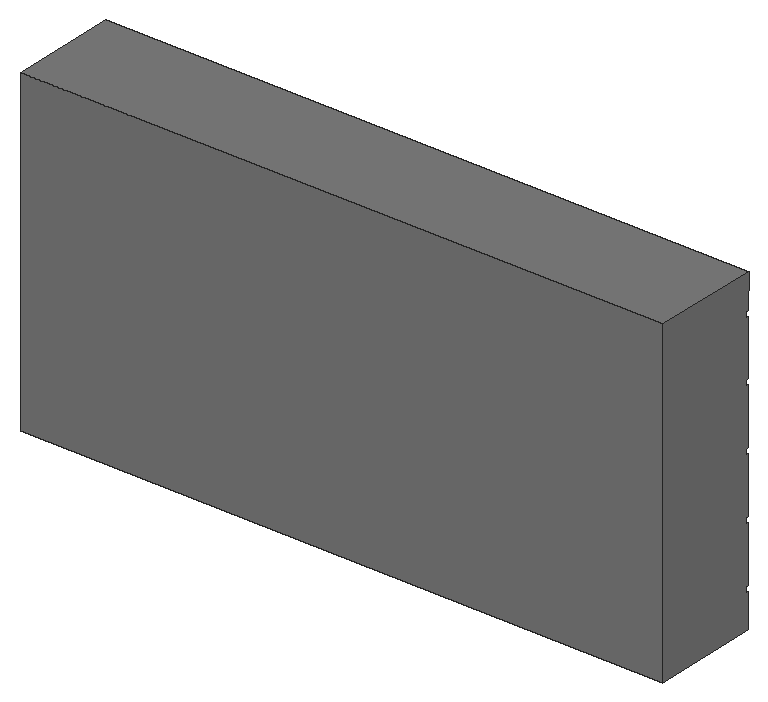
Revit family "Etixx37_ep200_R5-3", category Equipement spécialisé, Revit 2016
Family settings
  Type d'élément = Normal
  Cote de connecteur circulaire = Utiliser le diamètre
  Basée sur le plan de construction = Non
  Toujours verticalement = Oui
  Couper avec des vides une fois chargée = Non
  Partagée = Non
  Point de calcul de pièce = Non
Parameters (values of type "Etixx37_ep200_R5-3")
  Visibilité [instance] = yes
  URL = "https://www.isobox-isolation.fr/sites/default/files/produit_documents/plaquette_etixx_31_37juin2018_0.pdf"
  Transmission de la vapeur d’eau (μ) = "20-40"  # constant formula
  Résistance thermique = 5.3000 (m²·K)/W  # constant formula
  Modèle = "ep : 200mm"  # constant formula
  Matériaux = Isolant PSE Etixx 37
  Longueur [instance] = 1200.00 mm
  Largeur [instance] = 600.00 mm
  Image du type = Image_Etixx37.jpg
  Fabricant = "Isobox"  # constant formula
  Epaisseur = 200.00 mm  # constant formula
  Empreinte carbone (Kg eq CO²/m²) = 13  # constant formula
  Description = "Etixx37 épaisseur 200"  # constant formula
  Coût = 0  # constant formula
  Conductivité thermique = 0.0310 W/(m·K)  # constant formula
Reference planes
  plane 1 "Centre (avant/arrière)": z = 0
  plane 2: y = 655.866
  plane 3 "Centre (gauche/droite)": x = 298.55
  plane 4 "Extérieur": y = 455.866
  plane 5: x = -901.45
  plane 6: z = 600
Forms (mm)
  Extrusion 1, solid, material "Isolant PSE Etixx 37" <- "Matériaux"
    sketch origin (0, 655.866, 600) x (0, 0, 1) y (-1, 0, 0)
      loop
        line (-600, 901.45) -> (-600, -298.55) -> (0, -298.55) -> (0, 901.45) -> (-600, 901.45)
    from 0 to 200
  Extrusion 2, void
    sketch origin (2.901, 655.866, 520) x (0, 0, 1) y (-1, 0, 0)
      loop
        line (-455, 904.351) -> (-455, -295.649) -> (-445, -295.649) -> (-445, 904.351) -> (-455, 904.351)
      loop
        line (-340, 904.351) -> (-340, -295.649) -> (-330, -295.649) -> (-330, 904.351) -> (-340, 904.351)
      loop
        line (-225, 904.351) -> (-225, -295.649) -> (-215, -295.649) -> (-215, 904.351) -> (-225, 904.351)
      loop
        line (-110, 904.351) -> (-110, -295.649) -> (-100, -295.649) -> (-100, 904.351) -> (-110, 904.351)
      loop
        line (5, 904.351) -> (5, -295.649) -> (15, -295.649) -> (15, 904.351) -> (5, 904.351)
    from 0 to 5
Cuts and joins
  Extrusion 2 cuts Extrusion 1
Dimensions and locks
  "Epaisseur": plane 4 "Extérieur" to plane 2
  "Longueur": plane 5 to plane 3 "Centre (gauche/droite)"
  "Largeur": plane 6 to level
  aligned and locked: plane 4 "Extérieur" to cut or joined group of Extrusion 1, Extrusion 2
  aligned and locked: plane 1 "Centre (avant/arrière)" to cut or joined group of Extrusion 1, Extrusion 2
  aligned and locked: plane 5 to Extrusion 1
  aligned and locked: plane 6 to cut or joined group of Extrusion 1, Extrusion 2
  aligned and locked: Extrusion 1 to Extrusion 2  (x9)
  aligned and locked: plane 3 "Centre (gauche/droite)" to Extrusion 2
Automatic sketch dimensions
  Extrusion 1 sketch curve to level = 0.00 mm
  Extrusion 1 sketch curve to plane 3 "Centre (gauche/droite)" = 0.00 mm
  level to Extrusion 1 sketch curve = 600.00 mm
  Extrusion 1 sketch curve to Extrusion 1 sketch curve = 1200.00 mm
  plane 3 "Centre (gauche/droite)" to Extrusion 2 sketch curve = 0.00 mm  (x5)
  level to Extrusion 2 sketch curve = 65.00 mm
  Extrusion 2 sketch curve to Extrusion 2 sketch curve = 10.00 mm  (x5)
  Extrusion 2 sketch curve to Extrusion 2 sketch curve = 105.00 mm  (x4)
  Extrusion 2 sketch curve to Extrusion 2 sketch curve = 1200.00 mm
  Extrusion 2 sketch curve to Extrusion 2 sketch curve = 0.00 mm  (x4)
